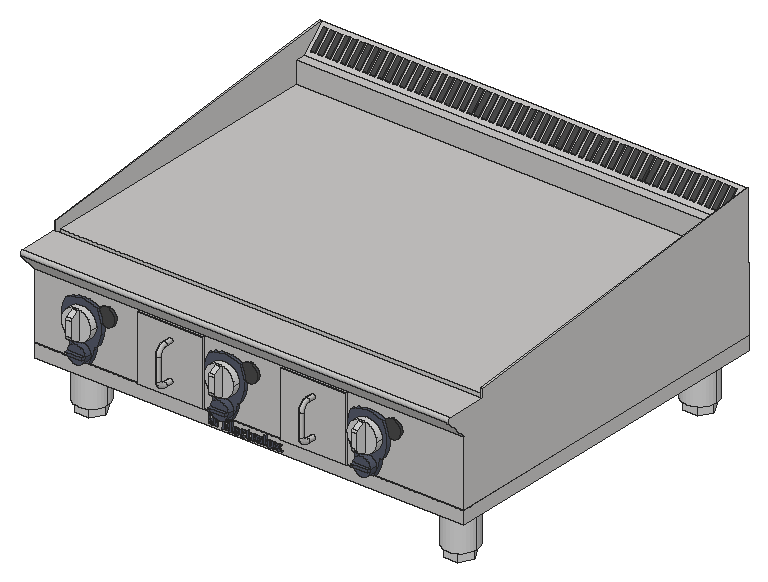
Revit family "QF_ELECTROLUXPROFESSIONAL_169183_ARG36FLCH", category Specialty Equipment, Revit 2018
Family settings
  Round Connector Dimension = Use Diameter
  Part Type = Normal
  Work Plane-Based = No
  Always vertical = Yes
  Cut with Voids When Loaded = No
  Shared = Yes
  Room Calculation Point = No
Parameters (values of type "Standard")
  Weight = 22.0148 lbm
  Watts = 0 W
  Volts = 0 V
  URL Manufacturer = "http://professional.electrolux.com"
  URL = "http://professional.electrolux.com"
  Steam Supply Size = 0"
  Steam Supply Minimum Pressure = 0.00 psi
  Steam Supply Maximum Pressure = 0.00 psi
  Steam Pounds per Hour = 0
  Refrigeration Suction Line Size = 0"
  Refrigeration Liquid Line Size = 0"
  Refrigerant Compressor Remote = yes
  Phase = 0
  Length Actual = 915 mm  # constant formula
  Item Number = "169183"
  Hot Water Size = 0"
  Height Actual = 419 mm  # constant formula
  HP = "0 HP"
  Gas Size = 3/4"
  Gas KW = 22.8
  Gas Input Pressure = 0.722756 Btu/h
  Direct Waste Size = 0"
  Depth Actual = 800 mm  # constant formula
  Cycle = 0 Hz
  Condensate Return Size = 0"
  Compressed Air Volume = 0 GPM
  Compressed Air Size = 0"
  Compressed Air Pressure = 0.00 psi
  Type Comments = ""
  Show Logo [instance] = yes
  Show Clearance [instance] = yes
  Model = "ARG36FLCH"
  Manufacturer = "Electrolux Professional"
  Description = "GAS GRIDDLE-SMOOTH - SCRATCH RESISTANT NITROCHROME3 - 36\"USA"
  Cold Water Size = 0"
  Accessory = yes
Reference planes
  plane 1 "BACK": y = 0
  plane 2: z = 0
  plane 3 "LEFT": x = 0
  plane 4 "RIGHT": x = 914.6
  plane 5 "FRONT": y = -800.013
  plane 6 "TOP": z = 419.1
Forms (mm)
  Extrusion 1, solid, material "QF_Finishes_Stainless Steel"
    sketch origin (0, 0, 0) x (0, 1, 0) y (0, 0, 1)
      loop
        arc (-793.872, 328.613) -> (-799.433, 324.967) -> (-798.31, 318.412) r 6.066
        line (-798.31, 318.412) -> (-760.413, 277.729) -> (-760.413, 137.322) -> (0, 137.322) -> (0, 276.998) -> (-708.91, 276.998) -> (-708.905, 328.613) -> (-793.872, 328.613)
      loop
        line (-760.413, 136.323) -> (-760.413, 107.95) -> (0, 107.95) -> (0, 135.757) -> (-760.413, 136.323)
    from 0 to 914.6
  Extrusion 2, solid, material "QF_Finishes_Handrails and Railings"
    sketch origin (0.5, -34.727, 0) x (1, 0, 0) y (0, 1, 0)
      loop
        line (78, -628.268) -> (48, -628.268) -> (33, -654.248) -> (48, -680.229) -> (78, -680.229) -> (93, -654.248) -> (78, -628.268)
    from 0 to 19.997
  Revolve 3, solid, material "QF_Finishes_Handrails and Railings"
    sketch origin (0.5, -688.975, 0) x (1, 0, 0) y (0, 0, 1)
      loop
        line (63, 19.997) -> (63, 107.95) -> (28, 107.95) -> (28, 19.997) -> (63, 19.997)
      axis (63, 107.95) -> (63, 19.997)
    angle from 0 to 360
  Extrusion 4, solid, material "QF_Finishes_Handrails and Railings"
    sketch origin (0.5, 605.036, 0) x (1, 0, 0) y (0, 1, 0)
      loop
        line (78, -628.268) -> (48, -628.268) -> (33, -654.248) -> (48, -680.229) -> (78, -680.229) -> (93, -654.248) -> (78, -628.268)
    from 0 to 19.997
  Revolve 5, solid, material "QF_Finishes_Handrails and Railings"
    sketch origin (0.5, -49.212, 0) x (1, 0, 0) y (0, 0, 1)
      loop
        line (63, 19.997) -> (63, 107.95) -> (28, 107.95) -> (28, 19.997) -> (63, 19.997)
      axis (63, 107.95) -> (63, 19.997)
    angle from 0 to 360
  Extrusion 6, solid, material "Navy Blue"
    sketch origin (304.8, -1.588, 1.588) x (-1, 0, 0) y (0, 0, -1)
      loop
        arc (165.246, -250.715) -> (199.561, -259.979) -> (233.876, -250.715) r 68.181
        arc (233.876, -250.715) -> (242.45, -215.016) -> (233.876, -179.317) r 78.605
        arc (233.876, -179.317) -> (230.721, -177.589) -> (227.479, -176.03) r 68.181
        arc (227.479, -176.03) -> (223.332, -156.644) -> (214.665, -138.816) r 82.207
        arc (214.665, -138.816) -> (199.561, -136.955) -> (184.457, -138.816) r 62.242
        arc (184.457, -138.816) -> (175.79, -156.644) -> (171.643, -176.03) r 82.207
        arc (171.643, -176.03) -> (168.401, -177.589) -> (165.246, -179.317) r 68.181
        arc (165.246, -179.317) -> (156.672, -215.016) -> (165.246, -250.715) r 78.605
    from 758.825 to 766.387
  Extrusion 7, solid, material "QF_Finishes_Handrails and Railings"
    sketch origin (304.8, -1.588, 1.588) x (-1, 0, 0) y (0, 0, -1)
      loop
        circle (199.561, -215.016) r 31.75
    from 766.387 to 780.308
  Extrusion 8, solid, material "QF_Finishes_Handrails and Railings"
    sketch origin (304.8, -3.659, 1.588) x (0, 1, 0) y (0, 0, -1)
      loop
        line (-780.308, -244.336) -> (-778.237, -244.336) -> (-778.237, -185.706) -> (-780.308, -185.706) -> (-794.33, -193.646)
        arc (-794.33, -193.646) -> (-796.966, -196.248) -> (-797.934, -199.824) r 7.105
        line (-797.934, -199.824) -> (-797.949, -231.821)
        arc (-797.949, -231.821) -> (-797.366, -233.985) -> (-795.772, -235.562) r 4.299
        line (-795.772, -235.562) -> (-780.308, -244.336)
    from 194.022 to 205.609
  Extrusion 9, solid, material "Navy Blue", visible <- "Show Logo"
    sketch origin (-198.793, 405.444, -1637.773) x (1, 0, 0) y (0, 0, 1)
      loop
        line (582.368, 1769.013) -> (582.368, 1751.899)
        arc (582.368, 1751.899) -> (588.694, 1760.456) -> (582.368, 1769.013) r 8.951
      loop
        arc (581.497, 1769.013) -> (574.38, 1767.396) -> (570.95, 1760.952) r 8.772
        line (570.95, 1760.952) -> (573.782, 1760.952)
        arc (573.782, 1760.952) -> (578.84, 1763.005) -> (581.497, 1767.774) r 8.222
        line (581.497, 1767.774) -> (581.497, 1769.013)
      loop
        arc (581.497, 1753.138) -> (578.84, 1757.907) -> (573.782, 1759.96) r 8.222
        line (573.782, 1759.96) -> (570.95, 1759.96)
        arc (570.95, 1759.96) -> (574.374, 1753.463) -> (581.497, 1751.679) r 9.001
        line (581.497, 1751.679) -> (581.497, 1753.138)
      loop
        line (570.301, 1769.947) -> (570.301, 1750.926) -> (589.348, 1750.926) -> (589.348, 1769.947) -> (570.301, 1769.947)
      loop
        line (598.777, 1770.063) -> (598.777, 1769.067)
        arc (598.777, 1769.067) -> (599.986, 1768.728) -> (600.624, 1767.647) r 1.683
        line (600.624, 1767.647) -> (600.624, 1753.236)
        arc (600.624, 1753.236) -> (600.013, 1752.096) -> (598.779, 1751.708) r 1.713
        line (598.779, 1751.708) -> (598.779, 1750.806) -> (613.229, 1750.806) -> (613.229, 1754.613) -> (611.987, 1754.613)
        arc (611.987, 1754.613) -> (611.185, 1753.355) -> (609.832, 1752.725) r 2.668
        line (609.832, 1752.725) -> (606.374, 1752.725)
        arc (606.374, 1752.725) -> (605.366, 1753.106) -> (604.862, 1754.059) r 1.524
        line (604.862, 1754.059) -> (604.862, 1759.714) -> (609.946, 1759.714)
        arc (609.946, 1759.714) -> (610.65, 1759.205) -> (610.953, 1758.39) r 1.498
        line (610.953, 1758.39) -> (611.756, 1758.39) -> (611.756, 1762.895) -> (610.953, 1762.895)
        arc (610.953, 1762.895) -> (610.65, 1762.08) -> (609.946, 1761.571) r 1.498
        line (609.946, 1761.571) -> (604.862, 1761.571) -> (604.862, 1768.044) -> (610.048, 1768.044)
        arc (610.048, 1768.044) -> (611.217, 1767.659) -> (611.874, 1766.618) r 1.819
        line (611.874, 1766.618) -> (612.747, 1766.618) -> (612.747, 1770.063) -> (598.777, 1770.063)
      loop
        line (614.601, 1770.063) -> (614.601, 1769.135)
        arc (614.601, 1769.135) -> (615.838, 1768.622) -> (616.35, 1767.385) r 1.75
        line (616.35, 1767.385) -> (616.35, 1754.03)
        arc (616.35, 1754.03) -> (615.802, 1752.827) -> (614.533, 1752.451) r 1.595
        line (614.533, 1752.451) -> (614.533, 1750.806) -> (621.916, 1750.806) -> (621.916, 1752.451)
        arc (621.916, 1752.451) -> (620.647, 1752.827) -> (620.098, 1754.03) r 1.595
        line (620.098, 1754.03) -> (620.098, 1770.738) -> (614.601, 1770.063)
      loop
        line (626.814, 1755.92) -> (626.814, 1757.677) -> (635.737, 1757.677) -> (635.737, 1758.783)
        arc (635.737, 1758.783) -> (634.374, 1762.354) -> (630.979, 1764.11) r 5.361
        line (630.979, 1764.11) -> (628.542, 1764.11)
        arc (628.542, 1764.11) -> (624.578, 1762.468) -> (622.936, 1758.504) r 5.606
        line (622.936, 1758.504) -> (622.936, 1755.724)
        arc (622.936, 1755.724) -> (624.991, 1751.824) -> (629.152, 1750.368) r 6.023
        arc (629.152, 1750.368) -> (632.562, 1750.872) -> (635.433, 1752.779) r 7.907
        line (635.433, 1752.779) -> (635.433, 1754.092)
        arc (635.433, 1754.092) -> (633.261, 1753.078) -> (630.883, 1752.779) r 7.722
        arc (630.883, 1752.779) -> (628.383, 1753.693) -> (626.924, 1755.92) r 4.231
      loop
        line (626.814, 1759.42) -> (632.05, 1759.42) -> (632.05, 1760.491)
        arc (632.05, 1760.491) -> (631.535, 1761.905) -> (630.232, 1762.658) r 2.2
        line (630.232, 1762.658) -> (629.084, 1762.658)
        arc (629.084, 1762.658) -> (627.346, 1761.462) -> (626.814, 1759.42) r 3.023
      loop
        arc (649.708, 1763.282) -> (647.391, 1763.959) -> (644.988, 1764.177) r 12.487
        line (644.988, 1764.177) -> (643.102, 1764.177)
        arc (643.102, 1764.177) -> (639.228, 1762.572) -> (637.623, 1758.698) r 5.479
        line (637.623, 1758.698) -> (637.623, 1755.099)
        arc (637.623, 1755.099) -> (639.412, 1751.941) -> (642.696, 1750.395) r 5.994
        line (642.696, 1750.395) -> (645.651, 1750.395)
        arc (645.651, 1750.395) -> (648.207, 1751.316) -> (650.306, 1753.041) r 7.988
        line (650.306, 1753.041) -> (650.306, 1754.295) -> (649.411, 1754.295)
        arc (649.411, 1754.295) -> (648.146, 1753.214) -> (646.529, 1752.826) r 3.56
        line (646.529, 1752.826) -> (644.432, 1752.826)
        arc (644.432, 1752.826) -> (642.161, 1754.218) -> (641.271, 1756.729) r 3.991
        line (641.271, 1756.729) -> (641.271, 1758.499)
        arc (641.271, 1758.499) -> (642.046, 1761.019) -> (644.351, 1762.302) r 3.534
        line (644.351, 1762.302) -> (645.808, 1762.302)
        arc (645.808, 1762.302) -> (647.654, 1761.43) -> (648.714, 1759.685) r 3.549
        line (648.714, 1759.685) -> (649.708, 1759.685) -> (649.708, 1763.282)
      loop
        line (650.082, 1761.873) -> (652.16, 1761.873) -> (652.16, 1753.503)
        arc (652.16, 1753.503) -> (653.07, 1751.305) -> (655.268, 1750.395) r 3.108
        line (655.268, 1750.395) -> (657.459, 1750.395)
        arc (657.459, 1750.395) -> (659.209, 1751.145) -> (660.608, 1752.436) r 5.619
        line (660.608, 1752.436) -> (660.608, 1753.323) -> (659.669, 1753.323)
        arc (659.669, 1753.323) -> (658.635, 1752.793) -> (657.474, 1752.826) r 2.339
        arc (657.474, 1752.826) -> (656.383, 1753.575) -> (655.963, 1754.83) r 2.085
        line (655.963, 1754.83) -> (655.963, 1761.94) -> (659.281, 1761.94) -> (660.051, 1762.71) -> (660.051, 1763.847) -> (656.093, 1763.847) -> (656.093, 1768.319) -> (650.082, 1761.873)
      loop
        line (661.293, 1750.696) -> (668.748, 1750.696) -> (668.748, 1752.232)
        arc (668.748, 1752.232) -> (667.432, 1752.777) -> (666.887, 1754.093) r 1.861
        line (666.887, 1754.093) -> (666.887, 1759.098)
        arc (666.887, 1759.098) -> (667.706, 1760.156) -> (668.983, 1760.557) r 2.235
        line (668.983, 1760.557) -> (671.136, 1760.557) -> (672.084, 1764.094) -> (670.17, 1764.094)
        arc (670.17, 1764.094) -> (668.269, 1763.307) -> (667.481, 1761.405) r 2.689
        line (667.481, 1761.405) -> (666.628, 1761.405) -> (666.628, 1764.008) -> (661.279, 1763.446) -> (661.279, 1762.559)
        arc (661.279, 1762.559) -> (662.506, 1762.027) -> (663.155, 1760.857) r 2.077
        line (663.155, 1760.857) -> (663.155, 1754.093)
        arc (663.155, 1754.093) -> (662.609, 1752.777) -> (661.293, 1752.232) r 1.861
        line (661.293, 1752.232) -> (661.293, 1750.696)
      loop
        line (672.381, 1759.141) -> (672.381, 1755.415)
        arc (672.381, 1755.415) -> (674.191, 1752.03) -> (677.693, 1750.461) r 5.935
        arc (677.693, 1750.461) -> (679.604, 1750.373) -> (681.514, 1750.461) r 20.791
        arc (681.514, 1750.461) -> (685.016, 1752.03) -> (686.826, 1755.415) r 5.935
        line (686.826, 1755.415) -> (686.826, 1759.141)
        arc (686.826, 1759.141) -> (685.016, 1762.525) -> (681.514, 1764.094) r 5.935
        arc (681.514, 1764.094) -> (679.604, 1764.182) -> (677.693, 1764.094) r 20.791
        arc (677.693, 1764.094) -> (674.191, 1762.525) -> (672.381, 1759.141) r 5.935
      loop
        line (676.691, 1759.424) -> (676.691, 1755.131)
        arc (676.691, 1755.131) -> (679.676, 1752.146) -> (682.661, 1755.131) r 2.985
        line (682.661, 1755.131) -> (682.661, 1759.424)
        arc (682.661, 1759.424) -> (679.676, 1762.409) -> (676.691, 1759.424) r 2.985
      loop
        line (687.88, 1770.063) -> (687.88, 1769.085)
        arc (687.88, 1769.085) -> (689.117, 1768.573) -> (689.629, 1767.336) r 1.75
        line (689.629, 1767.336) -> (689.629, 1753.683)
        arc (689.629, 1753.683) -> (689.081, 1752.479) -> (687.812, 1752.103) r 1.595
        line (687.812, 1752.103) -> (687.812, 1750.806) -> (695.195, 1750.806) -> (695.195, 1752.103)
        arc (695.195, 1752.103) -> (693.926, 1752.479) -> (693.377, 1753.683) r 1.595
        line (693.377, 1753.683) -> (693.377, 1770.738) -> (687.88, 1770.063)
      loop
        arc (700.171, 1750.54) -> (698.032, 1751.562) -> (697.164, 1753.767) r 3.235
        line (697.164, 1753.767) -> (697.164, 1760.715)
        arc (697.164, 1760.715) -> (696.604, 1761.967) -> (695.298, 1762.386) r 1.681
        line (695.298, 1762.386) -> (695.298, 1763.428) -> (700.979, 1764.025) -> (700.979, 1755.45)
        arc (700.979, 1755.45) -> (701.592, 1753.854) -> (703.116, 1753.077) r 2.386
        arc (703.116, 1753.077) -> (704.533, 1753.178) -> (705.829, 1753.76) r 4.069
        line (705.829, 1753.76) -> (705.829, 1760.822)
        arc (705.829, 1760.822) -> (705.125, 1761.863) -> (703.968, 1762.355) r 2.221
        line (703.968, 1762.355) -> (703.968, 1763.444) -> (709.786, 1763.851) -> (709.786, 1753.261)
        arc (709.786, 1753.261) -> (710.146, 1752.315) -> (711.044, 1751.847) r 1.424
        line (711.044, 1751.847) -> (711.044, 1750.806) -> (707.448, 1750.806)
        arc (707.448, 1750.806) -> (706.627, 1751.163) -> (706.329, 1752.008) r 1.123
        line (706.329, 1752.008) -> (705.504, 1752.008)
        arc (705.504, 1752.008) -> (704.088, 1750.922) -> (702.346, 1750.535) r 4.122
        line (702.346, 1750.535) -> (700.25, 1750.535)
      loop
        line (711.044, 1763.755) -> (711.044, 1762.866)
        arc (711.044, 1762.866) -> (712.509, 1762.322) -> (713.799, 1761.44) r 6.407
        line (713.799, 1761.44) -> (716.99, 1757.048) -> (712.683, 1752.264)
        arc (712.683, 1752.264) -> (712.138, 1751.936) -> (711.503, 1751.967) r 1.092
        line (711.503, 1751.967) -> (711.503, 1750.806) -> (716.409, 1750.806) -> (716.409, 1751.949)
        arc (716.409, 1751.949) -> (715.908, 1752.423) -> (716.035, 1753.101) r 0.72
        line (716.035, 1753.101) -> (718.071, 1755.592) -> (719.975, 1752.661)
        arc (719.975, 1752.661) -> (719.546, 1752.106) -> (718.854, 1751.985) r 0.969
        line (718.854, 1751.985) -> (718.854, 1750.806) -> (727.214, 1750.806) -> (727.214, 1752.033)
        arc (727.214, 1752.033) -> (726.302, 1752.126) -> (725.566, 1752.672) r 1.726
        line (725.566, 1752.672) -> (720.95, 1758.581) -> (723.582, 1761.717)
        arc (723.582, 1761.717) -> (724.763, 1762.583) -> (726.21, 1762.804) r 3.075
        line (726.21, 1762.804) -> (726.21, 1763.755) -> (720.93, 1763.755) -> (720.93, 1762.804)
        arc (720.93, 1762.804) -> (721.624, 1762.467) -> (721.553, 1761.7) r 0.677
        line (721.553, 1761.7) -> (719.786, 1759.594) -> (718.138, 1761.947)
        arc (718.138, 1761.947) -> (718.489, 1762.625) -> (719.213, 1762.866) r 1.014
        line (719.213, 1762.866) -> (719.213, 1763.755) -> (711.044, 1763.755)
    from 1165.857 to 1167.707
  Extrusion 10, solid, material "QF_Finishes_Clearance", visible <- "Show Clearance", detail levels coarse
    sketch origin (71.34, 21.382, 0) x (1, 0, 0) y (0, 1, 0)
      loop
        line (-172.94, -821.395) -> (-71.34, -821.395) -> (-71.34, -21.382) -> (843.26, -21.382) -> (843.26, -821.395) -> (944.86, -821.395) -> (944.86, 80.218) -> (-172.94, 80.218) -> (-172.94, -821.395)
    from 0 to 419.1
  Extrusion 11, solid, material "QF_Finishes_Stainless Steel"
    sketch origin (0, 0, 0) x (0, 1, 0) y (0, 0, 1)
      loop
        line (0, 418.998) -> (-708.903, 346.997) -> (-708.91, 276.998) -> (0, 276.998) -> (0, 418.998)
    from 0 to 3.175
  Extrusion 12, solid, material "QF_Finishes_Stainless Steel"
    sketch origin (914.6, 0, 0) x (0, 1, 0) y (0, 0, -1)
      loop
        line (0, -418.998) -> (0, -276.998) -> (-708.91, -276.998) -> (-708.903, -346.997) -> (0, -418.998)
    from 0 to 3.175
  Extrusion 13, solid, material "Navy Blue"
    sketch origin (304.8, -1.588, -30.162) x (-1, 0, 0) y (0, 0, -1)
      loop
        circle (199.561, -189.616) r 19.05
    from 766.387 to 780.308
  Extrusion 14, solid, material "Navy Blue"
    sketch origin (304.8, -15.509, -30.163) x (-1, 0, 0) y (0, 0, -1)
      loop
        arc (217.539, -192.791) -> (217.709, -191.604) -> (217.8, -190.409) r 18.256
        line (217.8, -190.409) -> (214.102, -190.409) -> (214.102, -188.822) -> (217.8, -188.822)
        arc (217.8, -188.822) -> (217.709, -187.627) -> (217.539, -186.441) r 18.256
        line (217.539, -186.441) -> (181.583, -186.441)
        arc (181.583, -186.441) -> (181.305, -189.616) -> (181.583, -192.791) r 18.256
        line (181.583, -192.791) -> (217.539, -192.791)
    from 766.387 to 773.392
  Extrusion 15, solid, material "QF_Finishes_Stainless Steel"
    sketch origin (304.8, -15.509, -29.072) x (-1, 0, 0) y (0, 0, -1)
      loop
        line (214.102, -187.732) -> (214.102, -189.319) -> (217.8, -189.319)
        arc (217.8, -189.319) -> (217.817, -188.525) -> (217.8, -187.732) r 18.256
        line (217.8, -187.732) -> (214.102, -187.732)
    from 766.387 to 773.392
  Extrusion 16, solid, material "QF_Finishes_Black"
    sketch origin (336.55, -1.588, 1.587) x (-1, 0, 0) y (0, 0, -1)
      loop
        arc (188.782, -222.529) -> (162.976, -245.368) -> (197.014, -250.75) r 19.05
        arc (197.014, -250.75) -> (191.567, -237.028) -> (188.782, -222.529) r 78.605
    from 758.825 to 763.21
  Extrusion 17, solid, material "QF_Finishes_Black"
    sketch origin (-11.875, -3.955, 415.396) x (1, 0, 0) y (0, 0.729904, 0.68355)
      loop
        line (25.05, -49.559) -> (34.575, -49.559) -> (34.575, -3.175) -> (25.05, -3.175) -> (25.05, -49.559)
      loop
        line (40.925, -49.559) -> (50.45, -49.559) -> (50.45, -3.175) -> (40.925, -3.175) -> (40.925, -49.559)
      loop
        line (56.8, -49.559) -> (66.325, -49.559) -> (66.325, -3.175) -> (56.8, -3.175) -> (56.8, -49.559)
      loop
        line (72.675, -49.559) -> (82.2, -49.559) -> (82.2, -3.175) -> (72.675, -3.175) -> (72.675, -49.559)
      loop
        line (88.55, -49.559) -> (98.075, -49.559) -> (98.075, -3.175) -> (88.55, -3.175) -> (88.55, -49.559)
      loop
        line (104.425, -49.559) -> (113.95, -49.559) -> (113.95, -3.175) -> (104.425, -3.175) -> (104.425, -49.559)
      loop
        line (120.3, -49.559) -> (129.825, -49.559) -> (129.825, -3.175) -> (120.3, -3.175) -> (120.3, -49.559)
      loop
        line (136.175, -49.559) -> (145.7, -49.559) -> (145.7, -3.175) -> (136.175, -3.175) -> (136.175, -49.559)
      loop
        line (152.05, -49.559) -> (161.575, -49.559) -> (161.575, -3.175) -> (152.05, -3.175) -> (152.05, -49.559)
      loop
        line (167.925, -49.559) -> (177.45, -49.559) -> (177.45, -3.175) -> (167.925, -3.175) -> (167.925, -49.559)
      loop
        line (183.8, -49.559) -> (193.325, -49.559) -> (193.325, -3.175) -> (183.8, -3.175) -> (183.8, -49.559)
      loop
        line (199.675, -49.559) -> (209.2, -49.559) -> (209.2, -3.175) -> (199.675, -3.175) -> (199.675, -49.559)
      loop
        line (215.55, -49.559) -> (225.075, -49.559) -> (225.075, -3.175) -> (215.55, -3.175) -> (215.55, -49.559)
      loop
        line (231.425, -49.559) -> (240.95, -49.559) -> (240.95, -3.175) -> (231.425, -3.175) -> (231.425, -49.559)
      loop
        line (247.3, -49.559) -> (256.825, -49.559) -> (256.825, -3.175) -> (247.3, -3.175) -> (247.3, -49.559)
      loop
        line (263.175, -49.559) -> (272.7, -49.559) -> (272.7, -3.175) -> (263.175, -3.175) -> (263.175, -49.559)
      loop
        line (279.05, -49.559) -> (288.575, -49.559) -> (288.575, -3.175) -> (279.05, -3.175) -> (279.05, -49.559)
      loop
        line (294.925, -49.559) -> (304.45, -49.559) -> (304.45, -3.175) -> (294.925, -3.175) -> (294.925, -49.559)
      loop
        line (310.8, -49.559) -> (320.325, -49.559) -> (320.325, -3.175) -> (310.8, -3.175) -> (310.8, -49.559)
      loop
        line (326.675, -49.559) -> (336.2, -49.559) -> (336.2, -3.175) -> (326.675, -3.175) -> (326.675, -49.559)
      loop
        line (342.55, -49.559) -> (352.075, -49.559) -> (352.075, -3.175) -> (342.55, -3.175) -> (342.55, -49.559)
      loop
        line (358.425, -49.559) -> (367.95, -49.559) -> (367.95, -3.175) -> (358.425, -3.175) -> (358.425, -49.559)
      loop
        line (374.3, -49.559) -> (383.825, -49.559) -> (383.825, -3.175) -> (374.3, -3.175) -> (374.3, -49.559)
      loop
        line (390.175, -49.559) -> (399.7, -49.559) -> (399.7, -3.175) -> (390.175, -3.175) -> (390.175, -49.559)
      loop
        line (406.05, -49.559) -> (415.575, -49.559) -> (415.575, -3.175) -> (406.05, -3.175) -> (406.05, -49.559)
      loop
        line (421.925, -49.559) -> (431.45, -49.559) -> (431.45, -3.175) -> (421.925, -3.175) -> (421.925, -49.559)
      loop
        line (437.8, -49.559) -> (447.325, -49.559) -> (447.325, -3.175) -> (437.8, -3.175) -> (437.8, -49.559)
      loop
        line (453.675, -49.559) -> (463.2, -49.559) -> (463.2, -3.175) -> (453.675, -3.175) -> (453.675, -49.559)
      loop
        line (469.55, -49.559) -> (479.075, -49.559) -> (479.075, -3.175) -> (469.55, -3.175) -> (469.55, -49.559)
      loop
        line (485.425, -49.559) -> (494.95, -49.559) -> (494.95, -3.175) -> (485.425, -3.175) -> (485.425, -49.559)
      loop
        line (501.3, -49.559) -> (510.825, -49.559) -> (510.825, -3.175) -> (501.3, -3.175) -> (501.3, -49.559)
      loop
        line (517.175, -49.559) -> (526.7, -49.559) -> (526.7, -3.175) -> (517.175, -3.175) -> (517.175, -49.559)
      loop
        line (533.05, -49.559) -> (542.575, -49.559) -> (542.575, -3.175) -> (533.05, -3.175) -> (533.05, -49.559)
      loop
        line (548.925, -49.559) -> (558.45, -49.559) -> (558.45, -3.175) -> (548.925, -3.175) -> (548.925, -49.559)
      loop
        line (564.8, -49.559) -> (574.325, -49.559) -> (574.325, -3.175) -> (564.8, -3.175) -> (564.8, -49.559)
      loop
        line (580.675, -49.559) -> (590.2, -49.559) -> (590.2, -3.175) -> (580.675, -3.175) -> (580.675, -49.559)
      loop
        line (596.55, -49.559) -> (606.075, -49.559) -> (606.075, -3.175) -> (596.55, -3.175) -> (596.55, -49.559)
      loop
        line (612.425, -49.559) -> (621.95, -49.559) -> (621.95, -3.175) -> (612.425, -3.175) -> (612.425, -49.559)
      loop
        line (628.3, -49.559) -> (637.825, -49.559) -> (637.825, -3.175) -> (628.3, -3.175) -> (628.3, -49.559)
      loop
        line (644.175, -49.559) -> (653.7, -49.559) -> (653.7, -3.175) -> (644.175, -3.175) -> (644.175, -49.559)
      loop
        line (660.05, -49.559) -> (669.575, -49.559) -> (669.575, -3.175) -> (660.05, -3.175) -> (660.05, -49.559)
      loop
        line (675.925, -49.559) -> (685.45, -49.559) -> (685.45, -3.175) -> (675.925, -3.175) -> (675.925, -49.559)
      loop
        line (691.8, -49.559) -> (701.325, -49.559) -> (701.325, -3.175) -> (691.8, -3.175) -> (691.8, -49.559)
      loop
        line (707.675, -49.559) -> (717.2, -49.559) -> (717.2, -3.175) -> (707.675, -3.175) -> (707.675, -49.559)
      loop
        line (723.55, -49.559) -> (733.075, -49.559) -> (733.075, -3.175) -> (723.55, -3.175) -> (723.55, -49.559)
      loop
        line (739.425, -49.559) -> (748.95, -49.559) -> (748.95, -3.175) -> (739.425, -3.175) -> (739.425, -49.559)
      loop
        line (755.3, -49.559) -> (764.825, -49.559) -> (764.825, -3.175) -> (755.3, -3.175) -> (755.3, -49.559)
      loop
        line (771.175, -49.559) -> (780.7, -49.559) -> (780.7, -3.175) -> (771.175, -3.175) -> (771.175, -49.559)
      loop
        line (787.05, -49.559) -> (796.575, -49.559) -> (796.575, -3.175) -> (787.05, -3.175) -> (787.05, -49.559)
      loop
        line (802.925, -49.559) -> (812.45, -49.559) -> (812.45, -3.175) -> (802.925, -3.175) -> (802.925, -49.559)
      loop
        line (818.8, -49.559) -> (828.325, -49.559) -> (828.325, -3.175) -> (818.8, -3.175) -> (818.8, -49.559)
      loop
        line (834.675, -49.559) -> (844.2, -49.559) -> (844.2, -3.175) -> (834.675, -3.175) -> (834.675, -49.559)
      loop
        line (850.55, -49.559) -> (860.075, -49.559) -> (860.075, -3.175) -> (850.55, -3.175) -> (850.55, -49.559)
      loop
        line (866.425, -49.559) -> (875.95, -49.559) -> (875.95, -3.175) -> (866.425, -3.175) -> (866.425, -49.559)
      loop
        line (882.3, -49.559) -> (891.825, -49.559) -> (891.825, -3.175) -> (882.3, -3.175) -> (882.3, -49.559)
      loop
        line (898.175, -49.559) -> (907.7, -49.559) -> (907.7, -3.175) -> (898.175, -3.175) -> (898.175, -49.559)
    from 0 to 1.588
  Extrusion 18, solid, material "QF_Finishes_Stainless Steel"
    sketch origin (0, 0, 0) x (0, 1, 0) y (0, 0, 1)
      loop
        line (0, 419.1) -> (-47.464, 374.65) -> (-69.521, 374.65) -> (-69.521, 328.613) -> (-698.883, 328.613) -> (-698.889, 276.998) -> (0, 276.998) -> (0, 419.1)
    from 3.175 to 911.425
  Extrusion 19, solid, material "QF_Finishes_Stainless Steel"
    sketch origin (609.6, -48.527, 20.638) x (1, 0, 0) y (0, 0, 1)
      loop
        circle (220.862, 106.363) r 9.525
    from -65.989 to -48.527
  Extrusion 20, solid, material "QF_Finishes_Handrails and Railings"
    sketch origin (913.9, -34.727, 0) x (-1, 0, 0) y (0, -1, 0)
      loop
        line (78, 628.268) -> (93, 654.248) -> (78, 680.229) -> (48, 680.229) -> (33, 654.248) -> (48, 628.268) -> (78, 628.268)
    from 0 to 19.997
  Revolve 21, solid, material "QF_Finishes_Handrails and Railings"
    sketch origin (913.9, -688.975, 0) x (-1, 0, 0) y (0, 0, -1)
      loop
        line (63, -19.997) -> (28, -19.997) -> (28, -107.95) -> (63, -107.95) -> (63, -19.997)
      axis (63, -107.95) -> (63, -19.997)
    angle from 0 to 360
  Extrusion 22, solid, material "QF_Finishes_Handrails and Railings"
    sketch origin (913.9, 605.036, 0) x (-1, 0, 0) y (0, -1, 0)
      loop
        line (78, 628.268) -> (93, 654.248) -> (78, 680.229) -> (48, 680.229) -> (33, 654.248) -> (48, 628.268) -> (78, 628.268)
    from 0 to 19.997
  Revolve 23, solid, material "QF_Finishes_Handrails and Railings"
    sketch origin (913.9, -49.212, 0) x (-1, 0, 0) y (0, 0, -1)
      loop
        line (63, -19.997) -> (28, -19.997) -> (28, -107.95) -> (63, -107.95) -> (63, -19.997)
      axis (63, -107.95) -> (63, -19.997)
    angle from 0 to 360
  Extrusion 24, solid, material "Navy Blue"
    sketch origin (609.8, -1.588, 1.587) x (-1, 0, 0) y (0, 0, -1)
      loop
        arc (165.246, -250.715) -> (199.561, -259.979) -> (233.876, -250.715) r 68.181
        arc (233.876, -250.715) -> (242.45, -215.016) -> (233.876, -179.317) r 78.605
        arc (233.876, -179.317) -> (230.721, -177.589) -> (227.479, -176.03) r 68.181
        arc (227.479, -176.03) -> (223.332, -156.644) -> (214.665, -138.816) r 82.207
        arc (214.665, -138.816) -> (199.561, -136.955) -> (184.457, -138.816) r 62.242
        arc (184.457, -138.816) -> (175.79, -156.644) -> (171.643, -176.03) r 82.207
        arc (171.643, -176.03) -> (168.401, -177.589) -> (165.246, -179.317) r 68.181
        arc (165.246, -179.317) -> (156.672, -215.016) -> (165.246, -250.715) r 78.605
    from 758.825 to 766.387
  Extrusion 25, solid, material "QF_Finishes_Handrails and Railings"
    sketch origin (609.8, -1.588, 1.587) x (-1, 0, 0) y (0, 0, -1)
      loop
        circle (199.561, -215.016) r 31.75
    from 766.387 to 780.308
  Extrusion 26, solid, material "QF_Finishes_Handrails and Railings"
    sketch origin (609.8, -3.659, 1.587) x (0, 1, 0) y (0, 0, -1)
      loop
        line (-780.308, -244.336) -> (-778.237, -244.336) -> (-778.237, -185.706) -> (-780.308, -185.706) -> (-794.33, -193.646)
        arc (-794.33, -193.646) -> (-796.966, -196.248) -> (-797.934, -199.824) r 7.105
        line (-797.934, -199.824) -> (-797.949, -231.821)
        arc (-797.949, -231.821) -> (-797.366, -233.985) -> (-795.772, -235.562) r 4.299
        line (-795.772, -235.562) -> (-780.308, -244.336)
    from 194.022 to 205.609
  Extrusion 27, solid, material "Navy Blue"
    sketch origin (609.8, -1.588, -30.163) x (-1, 0, 0) y (0, 0, -1)
      loop
        circle (199.561, -189.616) r 19.05
    from 766.387 to 780.308
  Extrusion 28, solid, material "Navy Blue"
    sketch origin (609.8, -15.509, -30.163) x (-1, 0, 0) y (0, 0, -1)
      loop
        arc (217.539, -192.791) -> (217.709, -191.604) -> (217.8, -190.409) r 18.256
        line (217.8, -190.409) -> (214.102, -190.409) -> (214.102, -188.822) -> (217.8, -188.822)
        arc (217.8, -188.822) -> (217.709, -187.627) -> (217.539, -186.441) r 18.256
        line (217.539, -186.441) -> (181.583, -186.441)
        arc (181.583, -186.441) -> (181.305, -189.616) -> (181.583, -192.791) r 18.256
        line (181.583, -192.791) -> (217.539, -192.791)
    from 766.387 to 773.392
  Extrusion 29, solid, material "QF_Finishes_Stainless Steel"
    sketch origin (609.8, -15.509, -29.072) x (-1, 0, 0) y (0, 0, -1)
      loop
        line (214.102, -187.732) -> (214.102, -189.319) -> (217.8, -189.319)
        arc (217.8, -189.319) -> (217.817, -188.525) -> (217.8, -187.732) r 18.256
        line (217.8, -187.732) -> (214.102, -187.732)
    from 766.387 to 773.392
  Extrusion 30, solid, material "QF_Finishes_Black"
    sketch origin (641.55, -1.588, 1.587) x (-1, 0, 0) y (0, 0, -1)
      loop
        arc (188.782, -222.529) -> (162.976, -245.368) -> (197.014, -250.75) r 19.05
        arc (197.014, -250.75) -> (191.567, -237.028) -> (188.782, -222.529) r 78.605
    from 758.825 to 763.21
  Extrusion 31, solid, material "QF_Finishes_Stainless Steel"
    sketch origin (496.415, -0.377, 0.389) x (0, 0, 1) y (-1, 0, 0)
      loop
        line (136.616, 135.735) -> (273.616, 135.735) -> (273.616, 274.735) -> (136.616, 274.735) -> (136.616, 135.735)
    from 760.035 to 763.551
  Extrusion 32, solid, material "Navy Blue"
    sketch origin (914.8, -1.588, 1.587) x (-1, 0, 0) y (0, 0, -1)
      loop
        arc (165.246, -250.715) -> (199.561, -259.979) -> (233.876, -250.715) r 68.181
        arc (233.876, -250.715) -> (242.45, -215.016) -> (233.876, -179.317) r 78.605
        arc (233.876, -179.317) -> (230.721, -177.589) -> (227.479, -176.03) r 68.181
        arc (227.479, -176.03) -> (223.332, -156.644) -> (214.665, -138.816) r 82.207
        arc (214.665, -138.816) -> (199.561, -136.955) -> (184.457, -138.816) r 62.242
        arc (184.457, -138.816) -> (175.79, -156.644) -> (171.643, -176.03) r 82.207
        arc (171.643, -176.03) -> (168.401, -177.589) -> (165.246, -179.317) r 68.181
        arc (165.246, -179.317) -> (156.672, -215.016) -> (165.246, -250.715) r 78.605
    from 758.825 to 766.387
  Extrusion 33, solid, material "QF_Finishes_Handrails and Railings"
    sketch origin (914.8, -1.588, 1.587) x (-1, 0, 0) y (0, 0, -1)
      loop
        circle (199.561, -215.016) r 31.75
    from 766.387 to 780.308
  Extrusion 34, solid, material "QF_Finishes_Handrails and Railings"
    sketch origin (914.8, -3.659, 1.587) x (0, 1, 0) y (0, 0, -1)
      loop
        line (-780.308, -244.336) -> (-778.237, -244.336) -> (-778.237, -185.706) -> (-780.308, -185.706) -> (-794.33, -193.646)
        arc (-794.33, -193.646) -> (-796.966, -196.248) -> (-797.934, -199.824) r 7.105
        line (-797.934, -199.824) -> (-797.949, -231.821)
        arc (-797.949, -231.821) -> (-797.366, -233.985) -> (-795.772, -235.562) r 4.299
        line (-795.772, -235.562) -> (-780.308, -244.336)
    from 194.022 to 205.609
  Extrusion 35, solid, material "Navy Blue"
    sketch origin (914.8, -1.588, -30.163) x (-1, 0, 0) y (0, 0, -1)
      loop
        circle (199.561, -189.616) r 19.05
    from 766.387 to 780.308
  Extrusion 36, solid, material "Navy Blue"
    sketch origin (914.8, -15.509, -30.163) x (-1, 0, 0) y (0, 0, -1)
      loop
        arc (217.539, -192.791) -> (217.709, -191.604) -> (217.8, -190.409) r 18.256
        line (217.8, -190.409) -> (214.102, -190.409) -> (214.102, -188.822) -> (217.8, -188.822)
        arc (217.8, -188.822) -> (217.709, -187.627) -> (217.539, -186.441) r 18.256
        line (217.539, -186.441) -> (181.583, -186.441)
        arc (181.583, -186.441) -> (181.305, -189.616) -> (181.583, -192.791) r 18.256
        line (181.583, -192.791) -> (217.539, -192.791)
    from 766.387 to 773.392
  Extrusion 37, solid, material "QF_Finishes_Stainless Steel"
    sketch origin (914.8, -15.509, -29.072) x (-1, 0, 0) y (0, 0, -1)
      loop
        line (214.102, -187.732) -> (214.102, -189.319) -> (217.8, -189.319)
        arc (217.8, -189.319) -> (217.817, -188.525) -> (217.8, -187.732) r 18.256
        line (217.8, -187.732) -> (214.102, -187.732)
    from 766.387 to 773.392
  Extrusion 38, solid, material "QF_Finishes_Black"
    sketch origin (946.55, -1.588, 1.587) x (-1, 0, 0) y (0, 0, -1)
      loop
        arc (188.782, -222.529) -> (162.976, -245.368) -> (197.014, -250.75) r 19.05
        arc (197.014, -250.75) -> (191.567, -237.028) -> (188.782, -222.529) r 78.605
    from 758.825 to 763.21
  Extrusion 39, solid, material "QF_Finishes_Stainless Steel"
    sketch origin (801.415, -0.377, 0.389) x (0, 0, 1) y (-1, 0, 0)
      loop
        line (136.616, 135.735) -> (273.616, 135.735) -> (273.616, 274.735) -> (136.616, 274.735) -> (136.616, 135.735)
    from 760.035 to 763.551
  Sweep 40, solid, material "QF_Finishes_Stainless Steel"
    path origin (291.224, 152.933, 639.119) x (0, 0, -1) y (0, -1, 0)
      loop
        line (468.014, 916.861) -> (468.014, 932.736)
        arc (468.014, 932.736) -> (464.793, 940.513) -> (457.015, 943.735) r 10.999
        line (457.015, 943.735) -> (410.212, 943.735)
        arc (410.212, 943.735) -> (402.435, 940.513) -> (399.214, 932.736) r 10.999
        line (399.214, 932.736) -> (399.214, 916.861)
    profile origin (291.224, -771.866, 239.905) x (0, 0, -1) y (-1, 0, 0)
      loop
        circle (-4.691, 0) r 4.691
  Sweep 41, solid, material "QF_Finishes_Stainless Steel"
    path origin (596.224, 152.933, 639.119) x (0, 0, -1) y (0, -1, 0)
      loop
        line (468.014, 916.861) -> (468.014, 932.736)
        arc (468.014, 932.736) -> (464.793, 940.513) -> (457.015, 943.735) r 10.999
        line (457.015, 943.735) -> (410.212, 943.735)
        arc (410.212, 943.735) -> (402.435, 940.513) -> (399.214, 932.736) r 10.999
        line (399.214, 932.736) -> (399.214, 916.861)
    profile origin (596.224, -771.866, 239.905) x (0, 0, -1) y (-1, 0, 0)
      loop
        circle (-4.691, 0) r 4.691
Cuts and joins
  joined: Extrusion 1, Extrusion 11, Extrusion 12
Lines and regions (mm)
  symbolic lines, style "QF-Clearances", visible <- "Show Clearance", detail levels coarse
    curve 1: line (-101.6, 101.6, 0) -> (1016.2, 101.6, 0)
    curve 2: line (-101.6, 101.6, 0) -> (-101.6, -800.013, 0)
    curve 3: line (1016.2, -800.013, 0) -> (1016.2, 101.6, 0)
  symbolic lines
    curve 4: line (0, 0, 0) -> (914.6, 0, 0)
    curve 5: line (0, -800.013, 0) -> (0, 0, 0)
    curve 6: line (914.6, -800.013, 0) -> (0, -800.013, 0)
    curve 7: line (914.6, 0, 0) -> (914.6, -800.013, 0)
    curve 8: line (914.6, -708.905, 0) -> (0, -708.905, 0)
    curve 9: line (3.175, -708.905, 0) -> (3.175, 0, 0)
    curve 10: line (911.425, 0, 0) -> (911.425, -708.905, 0)
    curve 11: line (911.425, -47.464, 0) -> (3.175, -47.464, 0)
    curve 12: line (3.175, -69.521, 0) -> (911.425, -69.521, 0)
    curve 13: line (13.175, -41.213, 0) -> (22.7, -41.213, 0)
    curve 14: line (13.175, -6.273, 0) -> (13.175, -41.213, 0)
    curve 15: line (22.7, -6.273, 0) -> (13.175, -6.273, 0)
    curve 16: line (22.7, -41.213, 0) -> (22.7, -6.273, 0)
    curve 17: line (29.05, -6.273, 0) -> (38.575, -6.273, 0)
    curve 18: line (29.05, -41.213, 0) -> (29.05, -6.273, 0)
    curve 19: line (38.575, -41.213, 0) -> (29.05, -41.213, 0)
    curve 20: line (38.575, -6.273, 0) -> (38.575, -41.213, 0)
    curve 21: line (44.925, -6.273, 0) -> (54.45, -6.273, 0)
    curve 22: line (44.925, -41.213, 0) -> (44.925, -6.273, 0)
    curve 23: line (54.45, -41.213, 0) -> (44.925, -41.213, 0)
    curve 24: line (54.45, -6.273, 0) -> (54.45, -41.213, 0)
    curve 25: line (60.8, -6.273, 0) -> (70.325, -6.273, 0)
    curve 26: line (60.8, -41.213, 0) -> (60.8, -6.273, 0)
    curve 27: line (70.325, -41.213, 0) -> (60.8, -41.213, 0)
    curve 28: line (70.325, -6.273, 0) -> (70.325, -41.213, 0)
    curve 29: line (76.675, -6.273, 0) -> (86.2, -6.273, 0)
    curve 30: line (76.675, -41.213, 0) -> (76.675, -6.273, 0)
    curve 31: line (86.2, -41.213, 0) -> (76.675, -41.213, 0)
    curve 32: line (86.2, -6.273, 0) -> (86.2, -41.213, 0)
    curve 33: line (92.55, -6.273, 0) -> (102.075, -6.273, 0)
    curve 34: line (92.55, -41.213, 0) -> (92.55, -6.273, 0)
    curve 35: line (102.075, -41.213, 0) -> (92.55, -41.213, 0)
    curve 36: line (102.075, -6.273, 0) -> (102.075, -41.213, 0)
    curve 37: line (108.425, -6.273, 0) -> (117.95, -6.273, 0)
    curve 38: line (108.425, -41.213, 0) -> (108.425, -6.273, 0)
    curve 39: line (117.95, -41.213, 0) -> (108.425, -41.213, 0)
    curve 40: line (117.95, -6.273, 0) -> (117.95, -41.213, 0)
    curve 41: line (124.3, -6.273, 0) -> (133.825, -6.273, 0)
    curve 42: line (124.3, -41.213, 0) -> (124.3, -6.273, 0)
    curve 43: line (133.825, -41.213, 0) -> (124.3, -41.213, 0)
    curve 44: line (133.825, -6.273, 0) -> (133.825, -41.213, 0)
    curve 45: line (140.175, -6.273, 0) -> (149.7, -6.273, 0)
    curve 46: line (140.175, -41.213, 0) -> (140.175, -6.273, 0)
    curve 47: line (149.7, -41.213, 0) -> (140.175, -41.213, 0)
    curve 48: line (149.7, -6.273, 0) -> (149.7, -41.213, 0)
    curve 49: line (156.05, -6.273, 0) -> (165.575, -6.273, 0)
    curve 50: line (156.05, -41.213, 0) -> (156.05, -6.273, 0)
    curve 51: line (165.575, -41.213, 0) -> (156.05, -41.213, 0)
    curve 52: line (165.575, -6.273, 0) -> (165.575, -41.213, 0)
    curve 53: line (171.925, -6.273, 0) -> (181.45, -6.273, 0)
    curve 54: line (171.925, -41.213, 0) -> (171.925, -6.273, 0)
    curve 55: line (181.45, -41.213, 0) -> (171.925, -41.213, 0)
    curve 56: line (181.45, -6.273, 0) -> (181.45, -41.213, 0)
    curve 57: line (187.8, -6.273, 0) -> (197.325, -6.273, 0)
    curve 58: line (187.8, -41.213, 0) -> (187.8, -6.273, 0)
    curve 59: line (197.325, -41.213, 0) -> (187.8, -41.213, 0)
    curve 60: line (197.325, -6.273, 0) -> (197.325, -41.213, 0)
    curve 61: line (203.675, -6.273, 0) -> (213.2, -6.273, 0)
    curve 62: line (203.675, -41.213, 0) -> (203.675, -6.273, 0)
    curve 63: line (213.2, -41.213, 0) -> (203.675, -41.213, 0)
    curve 64: line (213.2, -6.273, 0) -> (213.2, -41.213, 0)
    curve 65: line (219.55, -6.273, 0) -> (229.075, -6.273, 0)
    curve 66: line (219.55, -41.213, 0) -> (219.55, -6.273, 0)
    curve 67: line (229.075, -41.213, 0) -> (219.55, -41.213, 0)
    curve 68: line (229.075, -6.273, 0) -> (229.075, -41.213, 0)
    curve 69: line (235.425, -6.273, 0) -> (244.95, -6.273, 0)
    curve 70: line (235.425, -41.213, 0) -> (235.425, -6.273, 0)
    curve 71: line (244.95, -41.213, 0) -> (235.425, -41.213, 0)
    curve 72: line (244.95, -6.273, 0) -> (244.95, -41.213, 0)
    curve 73: line (251.3, -6.273, 0) -> (260.825, -6.273, 0)
    curve 74: line (251.3, -41.213, 0) -> (251.3, -6.273, 0)
    curve 75: line (260.825, -41.213, 0) -> (251.3, -41.213, 0)
    curve 76: line (260.825, -6.273, 0) -> (260.825, -41.213, 0)
    curve 77: line (267.175, -6.273, 0) -> (276.7, -6.273, 0)
    curve 78: line (267.175, -41.213, 0) -> (267.175, -6.273, 0)
    curve 79: line (276.7, -41.213, 0) -> (267.175, -41.213, 0)
    curve 80: line (276.7, -6.273, 0) -> (276.7, -41.213, 0)
    curve 81: line (283.05, -6.273, 0) -> (292.575, -6.273, 0)
    curve 82: line (283.05, -41.213, 0) -> (283.05, -6.273, 0)
    curve 83: line (292.575, -41.213, 0) -> (283.05, -41.213, 0)
    curve 84: line (292.575, -6.273, 0) -> (292.575, -41.213, 0)
    curve 85: line (298.925, -6.273, 0) -> (308.45, -6.273, 0)
    curve 86: line (298.925, -41.213, 0) -> (298.925, -6.273, 0)
    curve 87: line (308.45, -41.213, 0) -> (298.925, -41.213, 0)
    curve 88: line (308.45, -6.273, 0) -> (308.45, -41.213, 0)
    curve 89: line (314.8, -6.273, 0) -> (324.325, -6.273, 0)
    curve 90: line (314.8, -41.213, 0) -> (314.8, -6.273, 0)
    curve 91: line (324.325, -41.213, 0) -> (314.8, -41.213, 0)
    curve 92: line (324.325, -6.273, 0) -> (324.325, -41.213, 0)
    curve 93: line (330.675, -6.273, 0) -> (340.2, -6.273, 0)
    curve 94: line (330.675, -41.213, 0) -> (330.675, -6.273, 0)
    curve 95: line (340.2, -41.213, 0) -> (330.675, -41.213, 0)
    curve 96: line (340.2, -6.273, 0) -> (340.2, -41.213, 0)
    curve 97: line (346.55, -6.273, 0) -> (356.075, -6.273, 0)
    curve 98: line (346.55, -41.213, 0) -> (346.55, -6.273, 0)
    curve 99: line (356.075, -41.213, 0) -> (346.55, -41.213, 0)
    curve 100: line (356.075, -6.273, 0) -> (356.075, -41.213, 0)
    curve 101: line (362.425, -6.273, 0) -> (371.95, -6.273, 0)
    curve 102: line (362.425, -41.213, 0) -> (362.425, -6.273, 0)
    curve 103: line (371.95, -41.213, 0) -> (362.425, -41.213, 0)
    curve 104: line (371.95, -6.273, 0) -> (371.95, -41.213, 0)
    curve 105: line (378.3, -6.273, 0) -> (387.825, -6.273, 0)
    curve 106: line (378.3, -41.213, 0) -> (378.3, -6.273, 0)
    curve 107: line (387.825, -41.213, 0) -> (378.3, -41.213, 0)
    curve 108: line (387.825, -6.273, 0) -> (387.825, -41.213, 0)
    curve 109: line (394.175, -6.273, 0) -> (403.7, -6.273, 0)
    curve 110: line (394.175, -41.213, 0) -> (394.175, -6.273, 0)
    curve 111: line (403.7, -41.213, 0) -> (394.175, -41.213, 0)
    curve 112: line (403.7, -6.273, 0) -> (403.7, -41.213, 0)
    curve 113: line (410.05, -6.273, 0) -> (419.575, -6.273, 0)
    curve 114: line (410.05, -41.213, 0) -> (410.05, -6.273, 0)
    curve 115: line (419.575, -41.213, 0) -> (410.05, -41.213, 0)
    curve 116: line (419.575, -6.273, 0) -> (419.575, -41.213, 0)
    curve 117: line (425.925, -6.273, 0) -> (435.45, -6.273, 0)
    curve 118: line (425.925, -41.213, 0) -> (425.925, -6.273, 0)
    curve 119: line (435.45, -41.213, 0) -> (425.925, -41.213, 0)
    curve 120: line (435.45, -6.273, 0) -> (435.45, -41.213, 0)
    curve 121: line (441.8, -6.273, 0) -> (451.325, -6.273, 0)
    curve 122: line (441.8, -41.213, 0) -> (441.8, -6.273, 0)
    curve 123: line (451.325, -41.213, 0) -> (441.8, -41.213, 0)
    curve 124: line (451.325, -6.273, 0) -> (451.325, -41.213, 0)
    curve 125: line (457.675, -6.273, 0) -> (467.2, -6.273, 0)
    curve 126: line (457.675, -41.213, 0) -> (457.675, -6.273, 0)
    curve 127: line (467.2, -41.213, 0) -> (457.675, -41.213, 0)
    curve 128: line (467.2, -6.273, 0) -> (467.2, -41.213, 0)
    curve 129: line (473.55, -6.273, 0) -> (483.075, -6.273, 0)
    curve 130: line (473.55, -41.213, 0) -> (473.55, -6.273, 0)
    curve 131: line (483.075, -41.213, 0) -> (473.55, -41.213, 0)
    curve 132: line (483.075, -6.273, 0) -> (483.075, -41.213, 0)
    curve 133: line (489.425, -6.273, 0) -> (498.95, -6.273, 0)
    curve 134: line (489.425, -41.213, 0) -> (489.425, -6.273, 0)
    curve 135: line (498.95, -41.213, 0) -> (489.425, -41.213, 0)
    curve 136: line (498.95, -6.273, 0) -> (498.95, -41.213, 0)
    curve 137: line (505.3, -6.273, 0) -> (514.825, -6.273, 0)
    curve 138: line (505.3, -41.213, 0) -> (505.3, -6.273, 0)
    curve 139: line (514.825, -41.213, 0) -> (505.3, -41.213, 0)
    curve 140: line (514.825, -6.273, 0) -> (514.825, -41.213, 0)
    curve 141: line (521.175, -6.273, 0) -> (530.7, -6.273, 0)
    curve 142: line (521.175, -41.213, 0) -> (521.175, -6.273, 0)
    curve 143: line (530.7, -41.213, 0) -> (521.175, -41.213, 0)
    curve 144: line (530.7, -6.273, 0) -> (530.7, -41.213, 0)
    curve 145: line (537.05, -6.273, 0) -> (546.575, -6.273, 0)
    curve 146: line (537.05, -41.213, 0) -> (537.05, -6.273, 0)
    curve 147: line (546.575, -41.213, 0) -> (537.05, -41.213, 0)
    curve 148: line (546.575, -6.273, 0) -> (546.575, -41.213, 0)
    curve 149: line (552.925, -6.273, 0) -> (562.45, -6.273, 0)
    curve 150: line (552.925, -41.213, 0) -> (552.925, -6.273, 0)
    curve 151: line (562.45, -41.213, 0) -> (552.925, -41.213, 0)
    curve 152: line (562.45, -6.273, 0) -> (562.45, -41.213, 0)
    curve 153: line (568.8, -6.273, 0) -> (578.325, -6.273, 0)
    curve 154: line (568.8, -41.213, 0) -> (568.8, -6.273, 0)
    curve 155: line (578.325, -41.213, 0) -> (568.8, -41.213, 0)
    curve 156: line (578.325, -6.273, 0) -> (578.325, -41.213, 0)
    curve 157: line (584.675, -6.273, 0) -> (594.2, -6.273, 0)
    curve 158: line (584.675, -41.213, 0) -> (584.675, -6.273, 0)
    curve 159: line (594.2, -41.213, 0) -> (584.675, -41.213, 0)
    curve 160: line (594.2, -6.273, 0) -> (594.2, -41.213, 0)
    curve 161: line (839.987, 17.462, 0) -> (820.937, 17.462, 0)
    curve 162: line (820.937, 17.462, 0) -> (820.937, 0, 0)
    curve 163: line (839.987, 17.462, 0) -> (839.987, 0, 0)
    curve 164: line (600.55, -6.273, 0) -> (610.075, -6.273, 0)
    curve 165: line (600.55, -41.213, 0) -> (600.55, -6.273, 0)
    curve 166: line (610.075, -41.213, 0) -> (600.55, -41.213, 0)
    curve 167: line (610.075, -6.273, 0) -> (610.075, -41.213, 0)
    curve 168: line (616.425, -6.273, 0) -> (625.95, -6.273, 0)
    curve 169: line (616.425, -41.213, 0) -> (616.425, -6.273, 0)
    curve 170: line (625.95, -41.213, 0) -> (616.425, -41.213, 0)
    curve 171: line (625.95, -6.273, 0) -> (625.95, -41.213, 0)
    curve 172: line (632.3, -6.273, 0) -> (641.825, -6.273, 0)
    curve 173: line (632.3, -41.213, 0) -> (632.3, -6.273, 0)
    curve 174: line (641.825, -41.213, 0) -> (632.3, -41.213, 0)
    curve 175: line (641.825, -6.273, 0) -> (641.825, -41.213, 0)
    curve 176: line (648.175, -6.273, 0) -> (657.7, -6.273, 0)
    curve 177: line (648.175, -41.213, 0) -> (648.175, -6.273, 0)
    curve 178: line (657.7, -41.213, 0) -> (648.175, -41.213, 0)
    curve 179: line (657.7, -6.273, 0) -> (657.7, -41.213, 0)
    curve 180: line (664.05, -6.273, 0) -> (673.575, -6.273, 0)
    curve 181: line (664.05, -41.213, 0) -> (664.05, -6.273, 0)
    curve 182: line (673.575, -41.213, 0) -> (664.05, -41.213, 0)
    curve 183: line (673.575, -6.273, 0) -> (673.575, -41.213, 0)
    curve 184: line (679.925, -6.273, 0) -> (689.45, -6.273, 0)
    curve 185: line (679.925, -41.213, 0) -> (679.925, -6.273, 0)
    curve 186: line (689.45, -41.213, 0) -> (679.925, -41.213, 0)
    curve 187: line (689.45, -6.273, 0) -> (689.45, -41.213, 0)
    curve 188: line (695.8, -6.273, 0) -> (705.325, -6.273, 0)
    curve 189: line (695.8, -41.213, 0) -> (695.8, -6.273, 0)
    curve 190: line (705.325, -41.213, 0) -> (695.8, -41.213, 0)
    curve 191: line (705.325, -6.273, 0) -> (705.325, -41.213, 0)
    curve 192: line (711.675, -6.273, 0) -> (721.2, -6.273, 0)
    curve 193: line (711.675, -41.213, 0) -> (711.675, -6.273, 0)
    curve 194: line (721.2, -41.213, 0) -> (711.675, -41.213, 0)
    curve 195: line (721.2, -6.273, 0) -> (721.2, -41.213, 0)
    curve 196: line (727.55, -6.273, 0) -> (737.075, -6.273, 0)
    curve 197: line (727.55, -41.213, 0) -> (727.55, -6.273, 0)
    curve 198: line (737.075, -41.213, 0) -> (727.55, -41.213, 0)
    curve 199: line (737.075, -6.273, 0) -> (737.075, -41.213, 0)
    curve 200: line (743.425, -6.273, 0) -> (752.95, -6.273, 0)
    curve 201: line (743.425, -41.213, 0) -> (743.425, -6.273, 0)
    curve 202: line (752.95, -41.213, 0) -> (743.425, -41.213, 0)
    curve 203: line (752.95, -6.273, 0) -> (752.95, -41.213, 0)
    curve 204: line (759.3, -6.273, 0) -> (768.825, -6.273, 0)
    curve 205: line (759.3, -41.213, 0) -> (759.3, -6.273, 0)
    curve 206: line (768.825, -41.213, 0) -> (759.3, -41.213, 0)
    curve 207: line (768.825, -6.273, 0) -> (768.825, -41.213, 0)
    curve 208: line (775.175, -6.273, 0) -> (784.7, -6.273, 0)
    curve 209: line (775.175, -41.213, 0) -> (775.175, -6.273, 0)
    curve 210: line (784.7, -41.213, 0) -> (775.175, -41.213, 0)
    curve 211: line (784.7, -6.273, 0) -> (784.7, -41.213, 0)
    curve 212: line (791.05, -6.273, 0) -> (800.575, -6.273, 0)
    curve 213: line (791.05, -41.213, 0) -> (791.05, -6.273, 0)
    curve 214: line (800.575, -41.213, 0) -> (791.05, -41.213, 0)
    curve 215: line (800.575, -6.273, 0) -> (800.575, -41.213, 0)
    curve 216: line (806.925, -6.273, 0) -> (816.45, -6.273, 0)
    curve 217: line (806.925, -41.213, 0) -> (806.925, -6.273, 0)
    curve 218: line (816.45, -41.213, 0) -> (806.925, -41.213, 0)
    curve 219: line (816.45, -6.273, 0) -> (816.45, -41.213, 0)
    curve 220: line (822.8, -6.273, 0) -> (832.325, -6.273, 0)
    curve 221: line (822.8, -41.213, 0) -> (822.8, -6.273, 0)
    curve 222: line (832.325, -41.213, 0) -> (822.8, -41.213, 0)
    curve 223: line (832.325, -6.273, 0) -> (832.325, -41.213, 0)
    curve 224: line (838.675, -6.273, 0) -> (848.2, -6.273, 0)
    curve 225: line (838.675, -41.213, 0) -> (838.675, -6.273, 0)
    curve 226: line (848.2, -41.213, 0) -> (838.675, -41.213, 0)
    curve 227: line (848.2, -6.273, 0) -> (848.2, -41.213, 0)
    curve 228: line (854.55, -6.273, 0) -> (864.075, -6.273, 0)
    curve 229: line (854.55, -41.213, 0) -> (854.55, -6.273, 0)
    curve 230: line (864.075, -41.213, 0) -> (854.55, -41.213, 0)
    curve 231: line (864.075, -6.273, 0) -> (864.075, -41.213, 0)
    curve 232: line (870.425, -6.273, 0) -> (879.95, -6.273, 0)
    curve 233: line (870.425, -41.213, 0) -> (870.425, -6.273, 0)
    curve 234: line (879.95, -41.213, 0) -> (870.425, -41.213, 0)
    curve 235: line (879.95, -6.273, 0) -> (879.95, -41.213, 0)
    curve 236: line (886.3, -6.273, 0) -> (895.825, -6.273, 0)
    curve 237: line (886.3, -41.213, 0) -> (886.3, -6.273, 0)
    curve 238: line (895.825, -41.213, 0) -> (886.3, -41.213, 0)
    curve 239: line (895.825, -6.273, 0) -> (895.825, -41.213, 0)
    curve 240: line (3.175, -698.883, 0) -> (911.425, -698.883, 0)
Dimensions and locks
  locked: plane 5 "FRONT" to plane 1 "BACK" at 800.013
  plane 6 "TOP" to level = 419.1 mm
  plane 1 "BACK" to plane 5 "FRONT" = 800.013 mm
  plane 1 "BACK" to Extrusion 4 = 49.213 mm
  plane 3 "LEFT" to plane 4 "RIGHT" = 914.6 mm
  plane 6 "TOP" to cut or joined group of Extrusion 1, Extrusion 11, Extrusion 12 = 311.15 mm
  Extrusion 4 to Extrusion 2 = 639.762 mm
  Extrusion 10 to plane 3 "LEFT" to plane 4 "RIGHT" to Extrusion 10 = 101.6 mm, 914.6 mm, 101.6 mm
  plane 1 "BACK" to Extrusion 10 = 101.6 mm
  cut or joined group of Extrusion 1, Extrusion 11, Extrusion 12 to Extrusion 19 = 19.05 mm
  Extrusion 2 to cut or joined group of Extrusion 1, Extrusion 11, Extrusion 12 = 71.438 mm
  cut or joined group of Extrusion 1, Extrusion 11, Extrusion 12 to cut or joined group of Extrusion 1, Extrusion 11, Extrusion 12 = 220.662 mm
  Extrusion 19 to plane 1 "BACK" = 17.463 mm
  aligned and locked: level to plane 2
  aligned and locked: Extrusion 18 to Extrusion 11
  aligned and locked: Extrusion 18 to Extrusion 12
Connectors
  piping at (830.462, 17.463, 127), diameter 19.05, driven by "Gas Size"
    settings: on Extrusion 19, index 1, connector inside diameter 3/4", connector length 0 mm, flow factor 0, pipe flow 0 GPM, pressure drop 0.00 psi, fitting loss kfactor 0, connector angle 0.00°, fixture units 0, engagement length 0 mm, angle of deflection 0.00°, flow configuration 1, flow direction 1, fitting loss method 0, system type 7, joint type 0, gender type 0, connector reference index -1, connector utility 0, adjustable connector no, is connector primary yes, connector description "Gas Connection"
